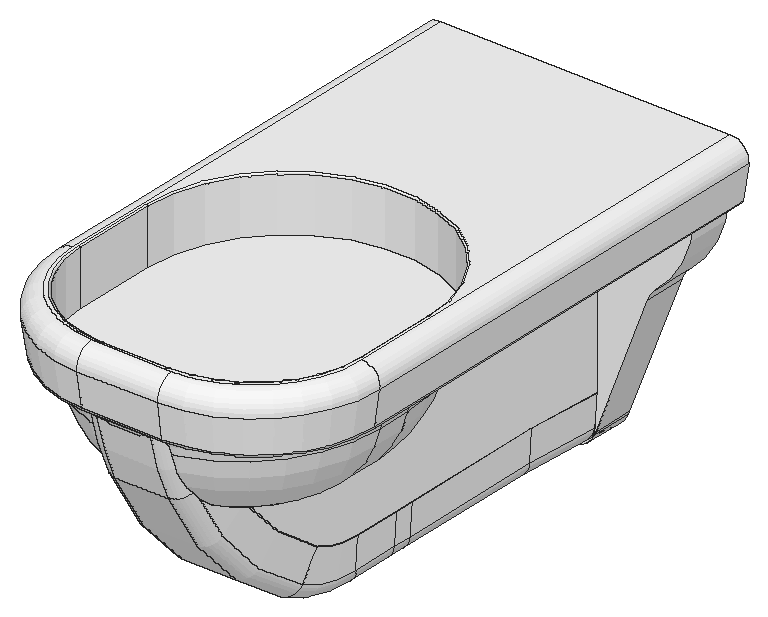
Revit family "NLRS_74_PF_UN_toilet_S8203400000_SPHINX_BCB", category Plumbing Fixtures, Revit 2016
Family settings
  Part Type = Normal
  Round Connector Dimension = Use Radius
  OmniClass Number = 23.45.00.00
  OmniClass Title = Sanitary, Laundry, and Cleaning Equipment
  Work Plane-Based = No
  Always vertical = Yes
  Cut with Voids When Loaded = No
  Shared = No
  Room Calculation Point = No
Parameters (values of type "wandcloset verlengd vlakspoel")
  NLRS_C_type = "Wandcloset verlengd"  # constant formula
  NLRS_C_serie = "Sphinx 300 Comfort"  # constant formula
  NLRS_C_revit_versie = "2016"
  NLRS_C_content_versie = "2.0"
  NLRS_C_content_provider = "BouwConnect"
  NLRS_C_content_datum_uitgifte = "APR-2018"
  NLRS_C_content_datum_gewijzigd = "APR-2018"
  NLRS_C_content_creator = "BouwConnect"
  NLRS_C_URL_product_data = "http://www.sphinx.nl/producten/toiletten-%7C-bidets-%7C-urinoirs/wandclosets/sphinx-300-comfort-%7C-wandcloset-verlengd-vlakspoel/37784/"
  NLRS_C_code_artikel = "S8203400000"  # constant formula
  Waste Connection = yes
  WFU = 0
  URL = "http://www.sphinx.nl/"
  NLRS_S_gewicht = 25.50 kg  # constant formula
  NLRS_C_materiaal = NLRS_g3_porcelein_wit
  NLRS_C_lengte = 700 mm  # constant formula
  NLRS_C_hoogte = 350 mm  # constant formula
  NLRS_C_diameter_uit = 102 mm  # constant formula
  NLRS_C_diameter_in = 55 mm  # constant formula
  NLRS_C_breedte = 390 mm  # constant formula
  Model = "wandcloset verlengd vlakspoel"  # constant formula
  Manufacturer = "Sphinx"  # constant formula
  Keynote = "wandcloset"
  IfcTypeProduct = "IfcSanitaryTerminalType"  # constant formula
  IfcExportType = "TOILETPAN"  # constant formula
  IfcExportAs = "IfcSanitaryTerminalTypeEnum"  # constant formula
  IfcElement = "IfcFlowTerminal"  # constant formula
  NLRS_C_code_EAN = "8711754391253"  # constant formula
  Description = "toilet"
  CWFU = 0
  NLRS_C_URL_BCB = "http://bcb-online.nl/?zoekterm=Sphinx+++%5bGeberit+B.V.%5d"
  Assembly Code = "4(74.11)"
Reference planes
  plane 1 "Center (Front/Back)": y = 0
  plane 2: z = 0
  plane 3 "Center (Left/Right)": x = 0
Forms (mm)
  Sweep 1, solid, material "NLRS_g3_porcelein_wit" <- "NLRS_C_materiaal", detail levels medium+fine
    path origin (-0.001, 0, 0) x (1, 0, 0) y (0, 1, 0)
      loop
        line (195, 0) -> (195, -549.563)
        arc (195, -549.563) -> (152.212, -654.47) -> (48.26, -699.528) r 150
        arc (48.26, -699.528) -> (0.001, -700.053) -> (-48.259, -699.528) r 2220.371
        arc (-48.259, -699.528) -> (-152.211, -654.471) -> (-194.998, -549.563) r 150
        line (-194.998, -549.563) -> (-194.998, 0)
    profile origin (-194.999, -274.782, 0) x (-1, 0, 0) y (0, 0, 1)
      loop
        arc (-7.349, -66.132) -> (-3.242, -45.149) -> (-0.619, -23.929) r 304.212
        arc (-0.619, -23.929) -> (-6.31, -7.141) -> (-22.535, 0) r 22
        line (-22.535, 0) -> (-23.503, 0) -> (-23.503, -70) -> (-12.219, -70)
        arc (-12.219, -70) -> (-9.109, -68.915) -> (-7.349, -66.132) r 5
  Extrusion 2, solid, material "NLRS_g3_porcelein_wit" <- "NLRS_C_materiaal", detail levels medium+fine
    sketch origin (-0.001, 0, 0) x (1, 0, 0) y (0, 1, 0)
      loop
        line (-171.495, 0) -> (-171.495, -549.563)
        arc (-171.495, -549.563) -> (-135.412, -638.033) -> (-47.748, -676.03) r 126.497
        arc (-47.748, -676.03) -> (0.001, -676.549) -> (47.749, -676.03) r 2196.868
        arc (47.749, -676.03) -> (135.413, -638.033) -> (171.497, -549.563) r 126.497
        line (171.497, -549.563) -> (171.497, 0) -> (-171.495, 0)
    from -70 to 0
  Extrusion 3, void, detail levels medium+fine
    sketch origin (-0.001, 0, 0) x (1, 0, 0) y (0, 1, 0)
      loop
        line (-168, -444.538) -> (-168, -544.538)
        arc (-168, -544.538) -> (-130.51, -635.048) -> (-40, -672.538) r 128
        line (-40, -672.538) -> (40, -672.538)
        arc (40, -672.538) -> (130.509, -635.048) -> (168, -544.538) r 128
        line (168, -544.538) -> (168, -444.538)
        arc (168, -444.538) -> (0, -276.538) -> (-168, -444.538) r 168
    from -66.722 to 20
  Sweep 4, void, detail levels medium+fine
    path origin (999.999, 0, 0) x (1, 0, 0) y (0, 1, 0)
      loop
        line (-1040, -672.538) -> (-960, -672.538)
        arc (-960, -672.538) -> (-869.491, -635.048) -> (-832, -544.538) r 128
        line (-832, -544.538) -> (-832, -444.538)
        arc (-832, -444.538) -> (-1000, -276.538) -> (-1168, -444.538) r 168
        line (-1168, -444.538) -> (-1168, -544.538)
        arc (-1168, -544.538) -> (-1130.51, -635.048) -> (-1040, -672.538) r 128
    profile origin (-0.001, -672.538, 0) x (0, 1, 0) y (0, 0, 1)
      loop
        arc (-2, 0) -> (-0.586, -0.586) -> (0, -2) r 2
        line (0, -2) -> (1, -2) -> (1, 1) -> (-2, 1) -> (-2, 0)
  Revolve 5, solid, material "NLRS_g3_porcelein_wit" <- "NLRS_C_materiaal", detail levels medium+fine
    sketch origin (-0.001, -515.558, 0) x (1, 0, 0) y (0, 0, 1)
      loop
        arc (-175.979, -70) -> (-171.082, -79.577) -> (-167.822, -89.827) r 65.347
        arc (-167.822, -89.827) -> (-149.484, -132.677) -> (-117.304, -166.394) r 131.003
        arc (-117.304, -166.394) -> (-86.898, -181.979) -> (-53.174, -187.464) r 109.802
        line (-53.174, -187.464) -> (0.001, -187.464) -> (0.001, -70) -> (-175.979, -70)
      axis (0.001, -70) -> (0.001, -187.464)
    angle from 180 to 360
  Revolve 6, solid, material "NLRS_g3_porcelein_wit" <- "NLRS_C_materiaal", detail levels medium+fine
    sketch origin (-0.001, -475.558, 0) x (1, 0, 0) y (0, 0, 1)
      loop
        arc (-175.979, -70) -> (-171.082, -79.577) -> (-167.822, -89.827) r 65.347
        arc (-167.822, -89.827) -> (-149.484, -132.677) -> (-117.304, -166.394) r 131.003
        arc (-117.304, -166.394) -> (-86.898, -181.979) -> (-53.174, -187.464) r 109.802
        line (-53.174, -187.464) -> (0.001, -187.464) -> (0.001, -70) -> (-175.979, -70)
      axis (0.001, -70) -> (0.001, -187.464)
    angle from 0 to 180
  Extrusion 7, solid, material "NLRS_g3_porcelein_wit" <- "NLRS_C_materiaal", detail levels medium+fine
    sketch origin (1000, 0, 0) x (1, 0, 0) y (0, 0, 1)
      loop
        arc (-1175.98, -70) -> (-1171.083, -79.577) -> (-1167.823, -89.827) r 65.347
        arc (-1167.823, -89.827) -> (-1149.484, -132.677) -> (-1117.305, -166.394) r 131.003
        arc (-1117.305, -166.394) -> (-1086.899, -181.979) -> (-1053.175, -187.464) r 109.802
        line (-1053.175, -187.464) -> (-946.825, -187.464)
        arc (-946.825, -187.464) -> (-913.101, -181.979) -> (-882.695, -166.394) r 109.802
        arc (-882.695, -166.394) -> (-850.516, -132.677) -> (-832.177, -89.827) r 131.003
        arc (-832.177, -89.827) -> (-828.917, -79.577) -> (-824.02, -70) r 65.347
        line (-824.02, -70) -> (-1175.98, -70)
    from 475.558 to 515.558
  Sweep 8, solid, material "NLRS_g3_porcelein_wit" <- "NLRS_C_materiaal", detail levels medium+fine
    path origin (0, 0, 0) x (0, 1, 0) y (0, 0, 1)
      loop
        arc (-623.782, -55.409) -> (-614.53, -87.49) -> (-601.753, -118.337) r 298.501
        arc (-601.753, -118.337) -> (-543.123, -203.715) -> (-461.484, -267.45) r 339.577
        arc (-461.484, -267.45) -> (-434.518, -278.222) -> (-405.691, -281.718) r 112.267
        line (-405.691, -281.718) -> (-349.516, -281.212)
        arc (-349.516, -281.212) -> (-337.75, -281.133) -> (-325.984, -281.106) r 2613.064
        line (-325.984, -281.106) -> (-147.268, -281.106)
        arc (-147.268, -281.106) -> (-96.513, -282.371) -> (-45.883, -286.163) r 1018.905
        line (-45.883, -286.163) -> (-13.918, -289.359)
    profile origin (0, -236.626, -281.106) x (0, 0, 1) y (1, 0, 0)
      loop
        arc (-15.102, -52.784) -> (-11.6, -52.866) -> (-8.098, -52.894) r 224.859
        line (-8.098, -52.894) -> (0, -52.894) -> (0, 52.894) -> (-10.526, 52.894)
        arc (-10.526, 52.894) -> (-11.012, 52.891) -> (-11.498, 52.882) r 42.002
        arc (-11.498, 52.882) -> (-30.678, 52.029) -> (-49.805, 50.358) r 450
        arc (-49.805, 50.358) -> (-61.96, 44.436) -> (-67.571, 32.134) r 20
        arc (-67.571, 32.134) -> (-68.905, 0) -> (-67.571, -32.134) r 387.525
        arc (-67.571, -32.134) -> (-61.96, -44.436) -> (-49.805, -50.358) r 20
        arc (-49.805, -50.358) -> (-32.477, -51.907) -> (-15.102, -52.784) r 450
  Extrusion 9, solid, material "NLRS_g3_porcelein_wit" <- "NLRS_C_materiaal", detail levels medium+fine
    sketch origin (-1000, 0, 0) x (0, 1, 0) y (0, 0, 1)
      loop
        arc (-601.753, -118.337) -> (-543.123, -203.715) -> (-461.484, -267.45) r 339.577
        arc (-461.484, -267.45) -> (-434.518, -278.222) -> (-405.691, -281.718) r 112.267
        line (-405.691, -281.718) -> (-349.516, -281.212)
        arc (-349.516, -281.212) -> (-337.75, -281.133) -> (-325.984, -281.106) r 2613.064
        line (-325.984, -281.106) -> (-147.268, -281.106)
        arc (-147.268, -281.106) -> (-96.513, -282.371) -> (-45.883, -286.163) r 1018.905
        line (-45.883, -286.163) -> (-12.538, -289.497) -> (-12.538, -70) -> (-620.055, -70)
        arc (-620.055, -70) -> (-611.952, -94.565) -> (-601.753, -118.337) r 298.501
    from 947.106 to 1052.894
  Extrusion 10, solid, material "NLRS_g3_porcelein_wit" <- "NLRS_C_materiaal", detail levels medium+fine
    sketch origin (0, 0, -1000) x (1, 0, 0) y (0, 0, 1)
      loop
        arc (-51.644, 660.492) -> (-50.937, 658.921) -> (-50.301, 657.321) r 38.472
        arc (-50.301, 657.321) -> (-41.917, 646.063) -> (-28.788, 641.095) r 25.01
        arc (-28.788, 641.095) -> (0, 639.981) -> (28.788, 641.095) r 372.73
        arc (28.788, 641.095) -> (41.9, 646.05) -> (50.286, 657.281) r 25.01
        arc (50.286, 657.281) -> (50.952, 658.95) -> (51.689, 660.588) r 40.943
        arc (51.689, 660.588) -> (86.478, 741.559) -> (114.799, 825.013) r 1120.903
        arc (114.799, 825.013) -> (118.283, 832.504) -> (123.796, 838.657) r 28.093
        arc (123.796, 838.657) -> (156.624, 879.529) -> (170.798, 930) r 131.003
        line (170.798, 930) -> (-170.798, 930)
        arc (-170.798, 930) -> (-155.62, 877.618) -> (-120.429, 835.955) r 131.003
        arc (-120.429, 835.955) -> (-117.808, 833.165) -> (-116.176, 829.702) r 12.249
        arc (-116.176, 829.702) -> (-87.333, 743.792) -> (-51.644, 660.492) r 1120.901
    from 0 to 50
  Extrusion 11, solid, material "NLRS_g3_porcelein_wit" <- "NLRS_C_materiaal", detail levels coarse
    sketch origin (0, 0, 0) x (1, 0, 0) y (0, 1, 0)
      loop
        arc (-194.999, -549.563) -> (-152.212, -654.471) -> (-48.259, -699.528) r 150
        arc (-48.259, -699.528) -> (0, -700.053) -> (48.259, -699.528) r 2220.371
        arc (48.259, -699.528) -> (152.212, -654.47) -> (194.999, -549.563) r 150
        line (194.999, -549.563) -> (194.999, 0) -> (-194.999, 0) -> (-194.999, -549.563)
    from -360 to 0
  Extrusion 12, void, detail levels coarse
    sketch origin (0, 0, 0) x (1, 0, 0) y (0, 1, 0)
      loop
        arc (167.999, -444.538) -> (-0.001, -276.538) -> (-168.001, -444.538) r 168
        line (-168.001, -444.538) -> (-168.001, -544.538)
        arc (-168.001, -544.538) -> (-130.511, -635.048) -> (-40.001, -672.538) r 128
        line (-40.001, -672.538) -> (39.999, -672.538)
        arc (39.999, -672.538) -> (130.509, -635.048) -> (167.999, -544.538) r 128
        line (167.999, -544.538) -> (167.999, -444.538)
    from -187.464 to 203.822
  Extrusion 13, void, detail levels medium+fine
    sketch origin (0, 0, 0) x (0, 1, 0) y (0, 0, 1)
      loop
        line (-687.584, -70) -> (-603.548, -70) -> (-603.548, -50) -> (-687.584, -50) -> (-687.584, -70)
    from -247.742 to 324.114
  Extrusion 14, solid, material "74_porcelein_wit", detail levels medium+fine
    sketch origin (1247.774, 0, -82.556) x (1, 0, 0) y (0, 0, 1)
      loop
        circle (-1247.774, -97.444) r 45
    from 0 to 5
  Extrusion 15, void, detail levels medium+fine
    sketch origin (436.635, 0, -300.923) x (1, 0, 0) y (0, 0, 1)
      loop
        circle (-436.635, 120.923) r 43
    from 0 to 45.812
  Extrusion 16, void, detail levels medium+fine
    sketch origin (276.501, 0, -80) x (1, 0, 0) y (0, 0, 1)
      loop
        circle (-276.501, 0) r 20
    from 0 to 79.863
  Extrusion 17, solid, not visible
    sketch origin (0, 0, 0) x (1, 0, 0) y (0, 0, 1)
      loop
        circle (0, -180) r 50
    from 0 to 5
Cuts and joins
  Extrusion 12 cuts Extrusion 11
  joined: Revolve 5, Revolve 6, Extrusion 7
  Extrusion 3, Sweep 4, Extrusion 16 cuts Extrusion 2
  Extrusion 15, Extrusion 16 cuts Extrusion 10
  joined: Sweep 1, Extrusion 2, Extrusion 10
  Extrusion 13, Extrusion 15 cuts Sweep 8
  Extrusion 15, Extrusion 16 cuts Extrusion 9
  joined: Sweep 8, Extrusion 9
  Extrusion 15 cuts Extrusion 14
Dimensions and locks
  aligned and locked: level to plane 2
Connectors
  piping at (0, 0, -180), diameter 102
    settings: on Extrusion 17, index 1, connector inside diameter 110 mm, connector length 0 mm, flow factor 0, pipe flow 0.0 L/s, pressure drop 0.0 Pa, fitting loss kfactor 0, connector angle 0.00°, fixture units 0, engagement length 0 mm, angle of deflection 0.00°, flow configuration 3, flow direction 2, fitting loss method 0, system type 16, joint type 0, gender type 0, connector reference index -1, connector utility 0, adjustable connector no, is connector primary yes, connector description "out"
